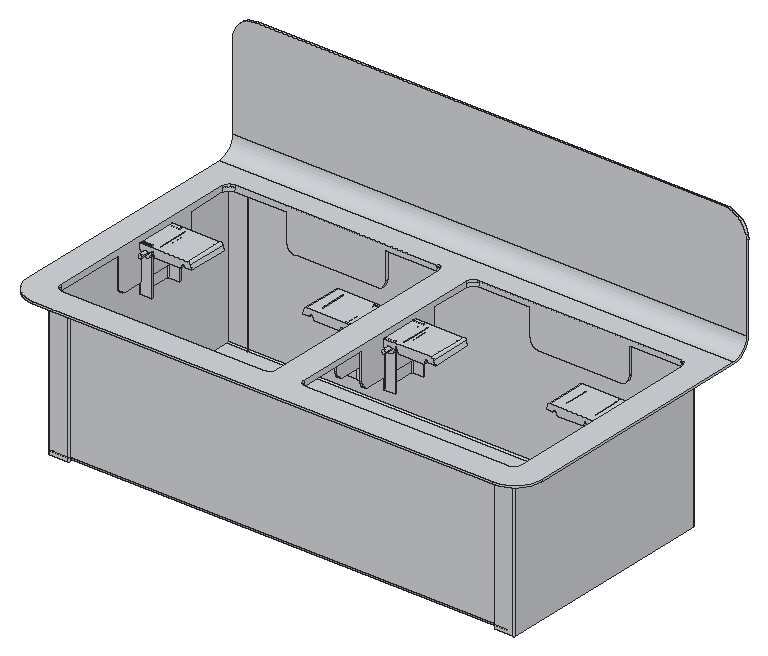
Revit family "Accessory-Tissue_Holder-KOHLER-JULY-K-72903T", category Specialty Equipment, host Face, Revit 2017
Family settings
  Host = Face
  Round Connector Dimension = Use Diameter
  Part Type = Normal
  OmniClass Number = 23.31.25.21
  OmniClass Title = Toilet Paper Dispensers
  Cut with Voids When Loaded = No
  Shared = No
  Room Calculation Point = No
Parameters (values of type "S- Stainless Steel")
  Width = 11.22047"  # constant formula
  WaterSense Certified = 1 = 0  # no
  URL = "http://www.kohler.com.cn/"
  Type = 1
  Product Page URL = "https://www.kohler.com.cn/product/K-72903T-S/K-72903T-S/"
  Product Name = "JULY"  # constant formula
  Product Documentation Link = "https://files.kohler.com.cn/pdfs/72900T%2072903T%2072905T%209316T.pdf"
  Model = "K-72903T-S"  # constant formula
  Material = "Premium Metal Construction"  # constant formula
  Master Format 2014 Name = "Toilet, Bath, and Laundry Accessories"  # constant formula
  Master Format 2014 = "10 28 00"  # constant formula
  Manufacturer Address = "Kohler Beijing Office (100016) 36-2-03-B, No. 88, Liuxiang Road, Beijing"  # constant formula
  Manufacturer = "KOHLER Co."  # constant formula
  Length = 5.94488"  # constant formula
  Height = 6.22047"  # constant formula
  Finish = Kohler-Metal-S-Polished_Stainless
  Environmental Product Declaration = ""
  Description = "Qiyue double-layer toilet paper dispenser (with cover)"  # constant formula
  Default Elevation = 42"
  Declare Label = ""
  Date Modified = "07/21/2020"  # constant formula
  Date Created = "07/21/2020"  # constant formula
  Copyright = "Copyright KOHLER Co."  # constant formula
  Contact Us = "http://www.kohler.com.cn/contact/contact-us/"
  Assembly Code = "C1030200"
  ADA Compliant = 1 = 0  # no
Reference planes (in)
  plane 1 "Center (Front/Back)": y = 0
  plane 2: z = 0
  plane 3 "Center (Left/Right)": x = 0
  plane 4: y = 3.23611
  plane 5: y = -2.98437
  plane 6: x = 5.61024
  plane 7: x = -5.61024
  plane 8: z = 5.94488
  plane 9: z = 3.54331
  plane 10: z = 3.18898
  plane 11: x = -2.57874
  plane 12: x = 2.65748
  plane 13: z = 3.14961
  plane 14: y = -2.445
  plane 15: y = 2.39752
  plane 16: x = -5.07087
  plane 17: x = 5.07087
Dimensions and locks (in)
  "Width": plane 7 to plane 6
  "Height": plane 5 to plane 4
  level to plane 10 = 3.18898"
  plane 10 to plane 8 = 2.75591"
  "Length": level to plane 8
  aligned and locked: plane 2 to host face
  aligned and locked: level to host face
Automatic sketch dimensions
  host sketch curve to host sketch curve = 96"  (x2)
Nested families (in)
  nested 1: "K-72903T" at (0, 0, 0), type "K-72903T"
Definition of nested family "K-72903T"
  Parameters (values of type "K-72903T")
    Material = none
  Reference planes (in)
    plane 1 "Center (Front/Back)": y = 0
    plane 2: z = 0
    plane 3 "Center (Left/Right)": x = 0
    plane 4: x = 2.65748
    plane 5: x = -2.65748
    plane 6: x = -5.61024
    plane 7: x = 5.61024
    plane 8: x = -2.57874
    plane 9: x = 2.57874
    plane 10: x = 5.07874
    plane 11: x = -5.07874
    plane 12: z = 5.94488
    plane 13: z = 3.18898
    plane 14: y = 3.23611
    plane 15: y = -2.98437
    plane 16: y = 2.46063
    plane 17: y = -2.46063
    plane 18: z = 3.14961
  Forms (in)
    Extrusion 1, solid, material <- "Material", detail levels medium+fine
      sketch origin (0, 0, 0) x (0, 1, 0) y (0, 0, 1)
        loop
          line (3.19674, 5.90551) -> (3.19674, 3.54344)
          arc (3.19674, 3.54344) -> (3.09291, 3.2928) -> (2.84227, 3.18898) r 0.35447
          line (2.84227, 3.18898) -> (-2.98437, 3.18898) -> (-2.98437, 3.14961) -> (2.84241, 3.14961)
          arc (2.84241, 3.14961) -> (3.12079, 3.26492) -> (3.23611, 3.54331) r 0.3937
          line (3.23611, 3.54331) -> (3.23611, 5.90551) -> (3.19674, 5.90551)
      from -5.61024 to 5.61024
    Extrusion 2, void
      sketch origin (0, 0, 0) x (1, 0, 0) y (0, 0, 1)
        loop
          line (-5.09843, 5.90551) -> (-5.09843, 6.1811) -> (-5.80491, 6.1811) -> (-5.80491, 5.3937) -> (-5.61024, 5.3937)
          arc (-5.61024, 5.3937) -> (-5.46033, 5.75561) -> (-5.09843, 5.90551) r 0.51181
        loop
          arc (5.09843, 5.90551) -> (5.46033, 5.75561) -> (5.61024, 5.3937) r 0.51181
          line (5.61024, 5.3937) -> (5.80491, 5.3937) -> (5.80491, 6.1811) -> (5.09843, 6.1811) -> (5.09843, 5.90551)
      from -4.15864 to -2.43296
    Extrusion 3, void
      sketch origin (0, 0, 0) x (1, 0, 0) y (0, 1, 0)
        loop
          line (5.01969, -2.98437) -> (5.01969, -3.37807) -> (6.00394, -3.37807) -> (6.00394, -2.39382) -> (5.61024, -2.39382)
          arc (5.61024, -2.39382) -> (5.43727, -2.8114) -> (5.01969, -2.98437) r 0.59055
        loop
          arc (-5.01969, -2.98437) -> (-5.43727, -2.8114) -> (-5.61024, -2.39382) r 0.59055
          line (-5.61024, -2.39382) -> (-6.00394, -2.39382) -> (-6.00394, -3.37807) -> (-5.01969, -3.37807) -> (-5.01969, -2.98437)
      from 1.95537 to 3.93299
    Extrusion 4, void
      sketch origin (0, 0, 0) x (1, 0, 0) y (0, 1, 0)
        loop
          arc (-4.8622, 2.33059) -> (-4.97356, 2.28447) -> (-5.01969, 2.17311) r 0.15748
          line (-5.01969, 2.17311) -> (-5.01969, -2.23633)
          arc (-5.01969, -2.23633) -> (-4.97356, -2.34769) -> (-4.8622, -2.39382) r 0.15748
          line (-4.8622, -2.39382) -> (-0.45276, -2.39382)
          arc (-0.45276, -2.39382) -> (-0.3414, -2.34769) -> (-0.29528, -2.23633) r 0.15748
          line (-0.29528, -2.23633) -> (-0.29528, 2.17345)
          arc (-0.29528, 2.17345) -> (-0.3413, 2.28457) -> (-0.45242, 2.33059) r 0.15715
          line (-0.45242, 2.33059) -> (-4.8622, 2.33059)
        loop
          line (4.8622, 2.33059) -> (0.45242, 2.33059)
          arc (0.45242, 2.33059) -> (0.3413, 2.28457) -> (0.29528, 2.17345) r 0.15715
          line (0.29528, 2.17345) -> (0.29528, -2.23633)
          arc (0.29528, -2.23633) -> (0.3414, -2.34769) -> (0.45276, -2.39382) r 0.15748
          line (0.45276, -2.39382) -> (4.8622, -2.39382)
          arc (4.8622, -2.39382) -> (4.97356, -2.34769) -> (5.01969, -2.23633) r 0.15748
          line (5.01969, -2.23633) -> (5.01969, 2.17311)
          arc (5.01969, 2.17311) -> (4.97356, 2.28447) -> (4.8622, 2.33059) r 0.15748
      from 2.28346 to 3.98435
    Sweep 5, solid, material <- "Material", detail levels medium+fine
      path in 3D
        loop
          arc (-0.24409, 2.17345, 3.18898) -> (-0.30511, 2.32076, 3.18898) -> (-0.45242, 2.38178, 3.18898) r 0.20833
          line (-0.45242, 2.38178, 3.18898) -> (-4.8622, 2.38178, 3.18898)
          arc (-4.8622, 2.38178, 3.18898) -> (-5.00975, 2.32066, 3.18898) -> (-5.07087, 2.17311, 3.18898) r 0.20866
          line (-5.07087, 2.17311, 3.18898) -> (-5.07087, -2.23633, 3.18898)
          arc (-5.07087, -2.23633, 3.18898) -> (-5.00975, -2.38388, 3.18898) -> (-4.8622, -2.445, 3.18898) r 0.20866
          line (-4.8622, -2.445, 3.18898) -> (-0.45276, -2.445, 3.18898)
          arc (-0.45276, -2.445, 3.18898) -> (-0.30521, -2.38388, 3.18898) -> (-0.24409, -2.23633, 3.18898) r 0.20866
          line (-0.24409, -2.23633, 3.18898) -> (-0.24409, 2.17345, 3.18898)
      profile origin (-0.24409, -0.03144, 3.18898) x (-1, 0, 0) y (0, 0, 1)
        loop
          line (0.05118, -0.11811) -> (0.05118, 0) -> (0.01181, 0) -> (0.01181, -0.11811) -> (0.05118, -0.11811)
    Sweep 6, solid, material <- "Material", detail levels medium+fine
      path in 3D
        loop
          arc (0.24409, 2.17345, 3.18898) -> (0.30511, 2.32076, 3.18898) -> (0.45242, 2.38178, 3.18898) r 0.20833
          line (0.45242, 2.38178, 3.18898) -> (4.8622, 2.38178, 3.18898)
          arc (4.8622, 2.38178, 3.18898) -> (5.00975, 2.32066, 3.18898) -> (5.07087, 2.17311, 3.18898) r 0.20866
          line (5.07087, 2.17311, 3.18898) -> (5.07087, -2.23633, 3.18898)
          arc (5.07087, -2.23633, 3.18898) -> (5.00975, -2.38388, 3.18898) -> (4.8622, -2.445, 3.18898) r 0.20866
          line (4.8622, -2.445, 3.18898) -> (0.45276, -2.445, 3.18898)
          arc (0.45276, -2.445, 3.18898) -> (0.30521, -2.38388, 3.18898) -> (0.24409, -2.23633, 3.18898) r 0.20866
          line (0.24409, -2.23633, 3.18898) -> (0.24409, 2.17345, 3.18898)
      profile origin (0.24409, -0.03144, 3.18898) x (-1, 0, 0) y (0, 0, 1)
        loop
          line (-0.05118, -0.11811) -> (-0.01181, -0.11811) -> (-0.01181, 0) -> (-0.05118, 0) -> (-0.05118, -0.11811)
    Extrusion 7, solid, material <- "Material", detail levels medium+fine
      sketch origin (0, 0, 0) x (0, 1, 0) y (0, 0, 1)
        loop
          line (1.30697, 3.09752) -> (-0.66153, 3.09752) -> (-0.66153, 2.48031)
          arc (-0.66153, 2.48031) -> (-0.60388, 2.34112) -> (-0.46468, 2.28346) r 0.19685
          line (-0.46468, 2.28346) -> (1.11012, 2.28346)
          arc (1.11012, 2.28346) -> (1.24932, 2.34112) -> (1.30697, 2.48031) r 0.19685
          line (1.30697, 2.48031) -> (1.30697, 3.09752)
      from 0.25591 to 0.29528
    Extrusion 8, solid, material <- "Material", detail levels medium+fine
      sketch origin (5.31496, 0, 0) x (0, 1, 0) y (0, 0, -1)
        loop
          line (1.30697, -3.09752) -> (1.30697, -2.48031)
          arc (1.30697, -2.48031) -> (1.24932, -2.34112) -> (1.11012, -2.28346) r 0.19685
          line (1.11012, -2.28346) -> (-0.46468, -2.28346)
          arc (-0.46468, -2.28346) -> (-0.60388, -2.34112) -> (-0.66153, -2.48031) r 0.19685
          line (-0.66153, -2.48031) -> (-0.66153, -3.09752) -> (1.30697, -3.09752)
      from 0.25591 to 0.29528
    Extrusion 9, solid, material <- "Material", detail levels medium+fine
      sketch origin (0, 0, 0) x (0, 1, 0) y (0, 0, -1)
        loop
          line (1.30697, -3.09752) -> (1.30697, -2.48031)
          arc (1.30697, -2.48031) -> (1.24932, -2.34112) -> (1.11012, -2.28346) r 0.19685
          line (1.11012, -2.28346) -> (-0.46468, -2.28346)
          arc (-0.46468, -2.28346) -> (-0.60388, -2.34112) -> (-0.66153, -2.48031) r 0.19685
          line (-0.66153, -2.48031) -> (-0.66153, -3.09752) -> (1.30697, -3.09752)
      from 0.25591 to 0.29528
    Extrusion 10, solid, material <- "Material", detail levels medium+fine
      sketch origin (-5.31496, 0, 0) x (0, 1, 0) y (0, 0, 1)
        loop
          line (1.30697, 3.09752) -> (-0.66153, 3.09752) -> (-0.66153, 2.48031)
          arc (-0.66153, 2.48031) -> (-0.60388, 2.34112) -> (-0.46468, 2.28346) r 0.19685
          line (-0.46468, 2.28346) -> (1.11012, 2.28346)
          arc (1.11012, 2.28346) -> (1.24932, 2.34112) -> (1.30697, 2.48031) r 0.19685
          line (1.30697, 2.48031) -> (1.30697, 3.09752)
      from 0.25591 to 0.29528
    Extrusion 11, solid, material <- "Material", detail levels medium+fine
      sketch origin (0, 0, 0) x (1, 0, 0) y (0, 0, 1)
        loop
          arc (3.54331, 2.28346) -> (3.6825, 2.34112) -> (3.74016, 2.48031) r 0.19685
          line (3.74016, 2.48031) -> (3.74016, 3.09778) -> (1.5748, 3.09778) -> (1.5748, 2.48031)
          arc (1.5748, 2.48031) -> (1.63246, 2.34112) -> (1.77165, 2.28346) r 0.19685
          line (1.77165, 2.28346) -> (3.54331, 2.28346)
        loop
          line (-3.54331, 2.28346) -> (-1.77165, 2.28346)
          arc (-1.77165, 2.28346) -> (-1.63246, 2.34112) -> (-1.5748, 2.48031) r 0.19685
          line (-1.5748, 2.48031) -> (-1.5748, 3.09778) -> (-3.74016, 3.09778) -> (-3.74016, 2.48031)
          arc (-3.74016, 2.48031) -> (-3.6825, 2.34112) -> (-3.54331, 2.28346) r 0.19685
      from 2.39382 to 2.43307
    Extrusion 12, solid, material <- "Material", detail levels medium+fine
      sketch origin (0, 0, 0) x (1, 0, 0) y (0, 0, -1)
        loop
          line (3.54331, -2.28346) -> (1.77165, -2.28346)
          arc (1.77165, -2.28346) -> (1.63246, -2.34112) -> (1.5748, -2.48031) r 0.19685
          line (1.5748, -2.48031) -> (1.5748, -3.09778) -> (3.74016, -3.09778) -> (3.74016, -2.48031)
          arc (3.74016, -2.48031) -> (3.6825, -2.34112) -> (3.54331, -2.28346) r 0.19685
        loop
          arc (-3.54331, -2.28346) -> (-3.6825, -2.34112) -> (-3.74016, -2.48031) r 0.19685
          line (-3.74016, -2.48031) -> (-3.74016, -3.09778) -> (-1.5748, -3.09778) -> (-1.5748, -2.48031)
          arc (-1.5748, -2.48031) -> (-1.63246, -2.34112) -> (-1.77165, -2.28346) r 0.19685
          line (-1.77165, -2.28346) -> (-3.54331, -2.28346)
      from 2.33059 to 2.37008
    Extrusion 13, solid, material <- "Material", detail levels medium+fine
      sketch origin (0, 0, 0) x (1, 0, 0) y (0, 1, 0)
        loop
          line (5.05926, 2.43296) -> (4.65354, 2.43296) -> (4.63698, 2.4054) -> (5.05906, 2.4054) -> (5.05906, -2.46074) -> (4.63763, -2.46074) -> (4.65354, -2.4883) -> (5.0578, -2.4883)
          arc (5.0578, -2.4883) -> (5.07817, -2.47986) -> (5.08661, -2.45949) r 0.02882
          line (5.08661, -2.45949) -> (5.08661, 2.40561)
          arc (5.08661, 2.40561) -> (5.0786, 2.42495) -> (5.05926, 2.43296) r 0.02735
        loop
          arc (-5.05926, 2.43296) -> (-5.0786, 2.42495) -> (-5.08661, 2.40561) r 0.02735
          line (-5.08661, 2.40561) -> (-5.08661, -2.45949)
          arc (-5.08661, -2.45949) -> (-5.07817, -2.47986) -> (-5.0578, -2.4883) r 0.02882
          line (-5.0578, -2.4883) -> (-4.65354, -2.4883) -> (-4.63763, -2.46074) -> (-5.05906, -2.46074) -> (-5.05906, 2.4054) -> (-4.63698, 2.4054) -> (-4.65354, 2.43296) -> (-5.05926, 2.43296)
      from -0.02756 to 3.18898
    Extrusion 14, solid, material <- "Material", detail levels medium+fine
      sketch origin (0, 0, 0) x (1, 0, 0) y (0, 1, 0)
        loop
          line (5.05926, 2.43296) -> (4.65354, 2.43296) -> (4.63763, 2.40648) -> (4.63763, -2.46074) -> (4.65354, -2.4883) -> (5.0578, -2.4883)
          arc (5.0578, -2.4883) -> (5.07817, -2.47986) -> (5.08661, -2.45949) r 0.02882
          line (5.08661, -2.45949) -> (5.08661, 2.40561)
          arc (5.08661, 2.40561) -> (5.0786, 2.42495) -> (5.05926, 2.43296) r 0.02735
      from -0.02756 to 0.00394
    Extrusion 15, solid, material <- "Material", detail levels medium+fine
      sketch origin (0, 0, 0) x (0, 1, 0) y (0, 0, 1)
        loop
          arc (2.36996, 0.0589) -> (2.36078, 0.03674) -> (2.33862, 0.02756) r 0.03134
          line (2.33862, 0.02756) -> (-2.40169, 0.02756)
          arc (-2.40169, 0.02756) -> (-2.42396, 0.03678) -> (-2.43319, 0.05906) r 0.0315
          line (-2.43319, 0.05906) -> (-2.43319, 3.16386) -> (-2.46074, 3.18898) -> (-2.46074, 0.0577)
          arc (-2.46074, 0.0577) -> (-2.44384, 0.0169) -> (-2.40304, 0) r 0.0577
          line (-2.40304, 0) -> (2.33901, 0)
          arc (2.33901, 0) -> (2.38039, 0.01714) -> (2.39752, 0.05851) r 0.05851
          line (2.39752, 0.05851) -> (2.39752, 3.18898) -> (2.36996, 3.15792) -> (2.36996, 0.0589)
      from -5.05906 to 5.01969
    Extrusion 16, solid, material <- "Material", detail levels medium+fine
      sketch origin (0, 0, 0) x (1, 0, 0) y (0, 1, 0)
        loop
          arc (-5.0315, 0.68886) -> (-5.02573, 0.70278) -> (-5.01181, 0.70855) r 0.01969
          line (-5.01181, 0.70855) -> (-4.76755, 0.70855) -> (-4.78346, 0.73611) -> (-5.01927, 0.73611)
          arc (-5.01927, 0.73611) -> (-5.0474, 0.72445) -> (-5.05906, 0.69632) r 0.03979
          line (-5.05906, 0.69632) -> (-5.05906, -0.01162)
          arc (-5.05906, -0.01162) -> (-5.04743, -0.03967) -> (-5.01938, -0.0513) r 0.03968
          line (-5.01938, -0.0513) -> (-4.76755, -0.0513) -> (-4.78346, -0.02374) -> (-5.01181, -0.02374)
          arc (-5.01181, -0.02374) -> (-5.02573, -0.01797) -> (-5.0315, -0.00405) r 0.01969
          line (-5.0315, -0.00405) -> (-5.0315, 0.68886)
      from 2.04901 to 3.07874
    Extrusion 17, solid, material <- "Material", detail levels medium+fine
      sketch origin (0, 0, 0) x (1, 0, 0) y (0, 0, 1)
        loop
          circle (-4.8718, 2.9292) r 0.03914
      from -0.93296 to 0.24815
    Extrusion 18, solid, material <- "Material", detail levels medium+fine
      sketch origin (0, 0, 0) x (1, 0, 0) y (0, 0, 1)
        loop
          arc (-4.13593, 2.88976) -> (-4.11641, 2.89555) -> (-4.10319, 2.91103) r 0.03584
          line (-4.10319, 2.91103) -> (-4.07366, 2.97733)
          arc (-4.07366, 2.97733) -> (-4.05981, 2.98721) -> (-4.04446, 2.97986) r 0.01675
          arc (-4.04446, 2.97986) -> (-4.02624, 2.95881) -> (-4.00349, 2.94276) r 0.11473
          line (-4.00349, 2.94276) -> (-3.87185, 2.94276) -> (-3.896, 3.03291)
          arc (-3.896, 3.03291) -> (-3.91809, 3.06596) -> (-3.95573, 3.07874) r 0.06183
          line (-3.95573, 3.07874) -> (-4.9976, 3.07874) -> (-4.9976, 2.97013)
          arc (-4.9976, 2.97013) -> (-4.88763, 2.84388) -> (-4.74749, 2.9355) r 0.12745
          line (-4.74749, 2.9355) -> (-4.73157, 2.9919)
          arc (-4.73157, 2.9919) -> (-4.71847, 3.00183) -> (-4.70532, 2.99195) r 0.01364
          line (-4.70532, 2.99195) -> (-4.67602, 2.88976) -> (-4.13593, 2.88976)
        loop
          circle (-4.87185, 2.9297) r 0.04928
      from -0.77941 to 0.09067
    Extrusion 19, solid, material <- "Material", detail levels medium+fine
      sketch origin (-5.31496, 0, 0) x (-1, 0, 0) y (0, -1, 0)
        loop
          line (-5.0315, -0.68886) -> (-5.0315, 0.00405)
          arc (-5.0315, 0.00405) -> (-5.02573, 0.01797) -> (-5.01181, 0.02374) r 0.01969
          line (-5.01181, 0.02374) -> (-4.78346, 0.02374) -> (-4.76755, 0.0513) -> (-5.01938, 0.0513)
          arc (-5.01938, 0.0513) -> (-5.04743, 0.03967) -> (-5.05906, 0.01162) r 0.03968
          line (-5.05906, 0.01162) -> (-5.05906, -0.69632)
          arc (-5.05906, -0.69632) -> (-5.0474, -0.72445) -> (-5.01927, -0.73611) r 0.03979
          line (-5.01927, -0.73611) -> (-4.78346, -0.73611) -> (-4.76755, -0.70855) -> (-5.01181, -0.70855)
          arc (-5.01181, -0.70855) -> (-5.02573, -0.70278) -> (-5.0315, -0.68886) r 0.01969
      from 2.04901 to 3.07874
    Extrusion 20, solid, material <- "Material", detail levels medium+fine
      sketch origin (-5.31496, 0, 0) x (-1, 0, 0) y (0, 0, -1)
        loop
          circle (-4.8718, -2.9292) r 0.03914
      from -0.93296 to 0.24815
    Extrusion 21, solid, material <- "Material", detail levels medium+fine
      sketch origin (-5.31496, 0, 0) x (-1, 0, 0) y (0, 0, -1)
        loop
          line (-4.13593, -2.88976) -> (-4.67602, -2.88976) -> (-4.70532, -2.99195)
          arc (-4.70532, -2.99195) -> (-4.71847, -3.00183) -> (-4.73157, -2.9919) r 0.01364
          line (-4.73157, -2.9919) -> (-4.74749, -2.9355)
          arc (-4.74749, -2.9355) -> (-4.88763, -2.84388) -> (-4.9976, -2.97013) r 0.12745
          line (-4.9976, -2.97013) -> (-4.9976, -3.07874) -> (-3.95573, -3.07874)
          arc (-3.95573, -3.07874) -> (-3.91809, -3.06596) -> (-3.896, -3.03291) r 0.06183
          line (-3.896, -3.03291) -> (-3.87185, -2.94276) -> (-4.00349, -2.94276)
          arc (-4.00349, -2.94276) -> (-4.02624, -2.95881) -> (-4.04446, -2.97986) r 0.11473
          arc (-4.04446, -2.97986) -> (-4.05981, -2.98721) -> (-4.07366, -2.97733) r 0.01675
          line (-4.07366, -2.97733) -> (-4.10319, -2.91103)
          arc (-4.10319, -2.91103) -> (-4.11641, -2.89555) -> (-4.13593, -2.88976) r 0.03584
        loop
          circle (-4.87185, -2.9297) r 0.04928
      from -0.77941 to 0.09067
    Extrusion 22, solid, material <- "Material", detail levels medium+fine
      sketch origin (0, 0, 0) x (-1, 0, 0) y (0, -1, 0)
        loop
          line (-5.0315, -0.68886) -> (-5.0315, 0.00405)
          arc (-5.0315, 0.00405) -> (-5.02573, 0.01797) -> (-5.01181, 0.02374) r 0.01969
          line (-5.01181, 0.02374) -> (-4.78346, 0.02374) -> (-4.76755, 0.0513) -> (-5.01938, 0.0513)
          arc (-5.01938, 0.0513) -> (-5.04743, 0.03967) -> (-5.05906, 0.01162) r 0.03968
          line (-5.05906, 0.01162) -> (-5.05906, -0.69632)
          arc (-5.05906, -0.69632) -> (-5.0474, -0.72445) -> (-5.01927, -0.73611) r 0.03979
          line (-5.01927, -0.73611) -> (-4.78346, -0.73611) -> (-4.76755, -0.70855) -> (-5.01181, -0.70855)
          arc (-5.01181, -0.70855) -> (-5.02573, -0.70278) -> (-5.0315, -0.68886) r 0.01969
      from 2.04901 to 3.07874
    Extrusion 23, solid, material <- "Material", detail levels medium+fine
      sketch origin (0, 0, 0) x (-1, 0, 0) y (0, 0, -1)
        loop
          line (-4.13593, -2.88976) -> (-4.67602, -2.88976) -> (-4.70532, -2.99195)
          arc (-4.70532, -2.99195) -> (-4.71847, -3.00183) -> (-4.73157, -2.9919) r 0.01364
          line (-4.73157, -2.9919) -> (-4.74749, -2.9355)
          arc (-4.74749, -2.9355) -> (-4.88763, -2.84388) -> (-4.9976, -2.97013) r 0.12745
          line (-4.9976, -2.97013) -> (-4.9976, -3.07874) -> (-3.95573, -3.07874)
          arc (-3.95573, -3.07874) -> (-3.91809, -3.06596) -> (-3.896, -3.03291) r 0.06183
          line (-3.896, -3.03291) -> (-3.87185, -2.94276) -> (-4.00349, -2.94276)
          arc (-4.00349, -2.94276) -> (-4.02624, -2.95881) -> (-4.04446, -2.97986) r 0.11473
          arc (-4.04446, -2.97986) -> (-4.05981, -2.98721) -> (-4.07366, -2.97733) r 0.01675
          line (-4.07366, -2.97733) -> (-4.10319, -2.91103)
          arc (-4.10319, -2.91103) -> (-4.11641, -2.89555) -> (-4.13593, -2.88976) r 0.03584
        loop
          circle (-4.87185, -2.9297) r 0.04928
      from -0.77941 to 0.09067
    Extrusion 24, solid, material <- "Material", detail levels medium+fine
      sketch origin (5.31496, 0, 0) x (1, 0, 0) y (0, 1, 0)
        loop
          arc (-5.0315, 0.68886) -> (-5.02573, 0.70278) -> (-5.01181, 0.70855) r 0.01969
          line (-5.01181, 0.70855) -> (-4.76755, 0.70855) -> (-4.78346, 0.73611) -> (-5.01927, 0.73611)
          arc (-5.01927, 0.73611) -> (-5.0474, 0.72445) -> (-5.05906, 0.69632) r 0.03979
          line (-5.05906, 0.69632) -> (-5.05906, -0.01162)
          arc (-5.05906, -0.01162) -> (-5.04743, -0.03967) -> (-5.01938, -0.0513) r 0.03968
          line (-5.01938, -0.0513) -> (-4.76755, -0.0513) -> (-4.78346, -0.02374) -> (-5.01181, -0.02374)
          arc (-5.01181, -0.02374) -> (-5.02573, -0.01797) -> (-5.0315, -0.00405) r 0.01969
          line (-5.0315, -0.00405) -> (-5.0315, 0.68886)
      from 2.04901 to 3.07874
    Extrusion 25, solid, material <- "Material", detail levels medium+fine
      sketch origin (5.31496, 0, 0) x (1, 0, 0) y (0, 0, 1)
        loop
          arc (-4.13593, 2.88976) -> (-4.11641, 2.89555) -> (-4.10319, 2.91103) r 0.03584
          line (-4.10319, 2.91103) -> (-4.07366, 2.97733)
          arc (-4.07366, 2.97733) -> (-4.05981, 2.98721) -> (-4.04446, 2.97986) r 0.01675
          arc (-4.04446, 2.97986) -> (-4.02624, 2.95881) -> (-4.00349, 2.94276) r 0.11473
          line (-4.00349, 2.94276) -> (-3.87185, 2.94276) -> (-3.896, 3.03291)
          arc (-3.896, 3.03291) -> (-3.91809, 3.06596) -> (-3.95573, 3.07874) r 0.06183
          line (-3.95573, 3.07874) -> (-4.9976, 3.07874) -> (-4.9976, 2.97013)
          arc (-4.9976, 2.97013) -> (-4.88763, 2.84388) -> (-4.74749, 2.9355) r 0.12745
          line (-4.74749, 2.9355) -> (-4.73157, 2.9919)
          arc (-4.73157, 2.9919) -> (-4.71847, 3.00183) -> (-4.70532, 2.99195) r 0.01364
          line (-4.70532, 2.99195) -> (-4.67602, 2.88976) -> (-4.13593, 2.88976)
        loop
          circle (-4.87185, 2.9297) r 0.04928
      from -0.77941 to 0.09067
    Extrusion 26, solid, material <- "Material", detail levels medium+fine
      sketch origin (0, 0, 0) x (-1, 0, 0) y (0, 0, -1)
        loop
          circle (-4.8718, -2.9292) r 0.03914
      from -0.93296 to 0.24815
    Extrusion 27, solid, material <- "Material", detail levels medium+fine
      sketch origin (5.31496, 0, 0) x (1, 0, 0) y (0, 0, 1)
        loop
          circle (-4.8718, 2.9292) r 0.03914
      from -0.93296 to 0.24815
    Extrusion 28, void
      sketch origin (0, 0, 0) x (1, 0, 0) y (0, 1, 0)
        loop
          circle (-2.57874, 0) r 0.09953
        loop
          circle (2.57874, 0) r 0.09953
      from -1.71546 to 3.14961
    Extrusion 29, solid, material <- "Material", detail levels coarse
      sketch origin (0, 0, 0) x (1, 0, 0) y (0, 1, 0)
        loop
          line (-5.07874, 2.46063) -> (-5.07874, -2.46063) -> (-0.29528, -2.46063) -> (-0.29528, 2.46063) -> (-5.07874, 2.46063)
        loop
          line (-5.11811, 2.50064) -> (-5.11811, -2.5) -> (-0.25591, -2.5) -> (-0.25591, 2.50064) -> (-5.11811, 2.50064)
        loop
          line (5.07874, 2.46063) -> (0.29528, 2.46063) -> (0.29528, -2.46063) -> (5.07874, -2.46063) -> (5.07874, 2.46063)
        loop
          line (5.11811, 2.50064) -> (0.25591, 2.50064) -> (0.25591, -2.5) -> (5.11811, -2.5) -> (5.11811, 2.50064)
      from 0 to 3.18898
    Extrusion 30, solid, material <- "Material", detail levels coarse
      sketch origin (0, 0, 0) x (0, 1, 0) y (0, 0, 1)
        loop
          line (3.23611, 3.54331) -> (3.23611, 5.94488) -> (3.19674, 5.94488) -> (3.19674, 3.54344)
          arc (3.19674, 3.54344) -> (3.09291, 3.2928) -> (2.84227, 3.18898) r 0.35447
          line (2.84227, 3.18898) -> (-2.98437, 3.18898) -> (-2.98437, 3.14961) -> (2.84241, 3.14961)
          arc (2.84241, 3.14961) -> (3.12079, 3.26492) -> (3.23611, 3.54331) r 0.3937
      from -5.61024 to 5.61024
    Extrusion 31, void
      sketch origin (0, 0, 0) x (1, 0, 0) y (0, 1, 0)
        loop
          line (-5.07874, 2.46063) -> (-5.07874, -2.46063) -> (-0.25591, -2.46063) -> (-0.25591, 2.46063) -> (-5.07874, 2.46063)
        loop
          line (5.07874, 2.46063) -> (0.25591, 2.46063) -> (0.25591, -2.46063) -> (5.07874, -2.46063) -> (5.07874, 2.46063)
      from 1.3802 to 4.65626
    Extrusion 32, solid, material <- "Material", detail levels coarse
      sketch origin (0, 0, 0) x (1, 0, 0) y (0, 1, 0)
        loop
          line (-5.07874, 2.46063) -> (-5.07874, -2.46063) -> (5.07874, -2.46063) -> (5.07874, 2.46063) -> (-5.07874, 2.46063)
      from 0 to 0.03937
  Cuts and joins
    Extrusion 2, Extrusion 3, Extrusion 4 cuts Extrusion 1
    Extrusion 28 cuts Extrusion 15
    joined: Extrusion 1, Sweep 5, Sweep 6, Extrusion 7, Extrusion 8, Extrusion 9, Extrusion 10, Extrusion 11, Extrusion 12, Extrusion 13, Extrusion 14, Extrusion 15
    Extrusion 31 cuts Extrusion 30
    joined: Extrusion 29, Extrusion 30, Extrusion 32
  Lines and regions (in)
    Masking region 1
      outline origin (0, 0, 0) x (1, 0, 0) y (0, 1, 0)
        loop
          line (-5.61024, 3.23611) -> (-5.61024, -2.39382)
          arc (-5.61024, -2.39382) -> (-5.43727, -2.8114) -> (-5.01969, -2.98437) r 0.59055
          line (-5.01969, -2.98437) -> (5.01969, -2.98437)
          arc (5.01969, -2.98437) -> (5.43727, -2.8114) -> (5.61024, -2.39382) r 0.59055
          line (5.61024, -2.39382) -> (5.61024, 3.23611) -> (-5.61024, 3.23611)
    Masking region 2
      outline origin (0, 0, -0.03937) x (1, 0, 0) y (0, 0, 1)
        loop
          line (5.10015, 5.98425) -> (-5.10015, 5.98425)
          arc (-5.10015, 5.98425) -> (-5.46083, 5.83485) -> (-5.61024, 5.47416) r 0.51009
          line (-5.61024, 5.47416) -> (-5.61024, 3.18898) -> (-5.07874, 3.18898) -> (-5.07874, 0.03937) -> (5.07874, 0.03937) -> (5.07874, 3.18898) -> (5.61024, 3.18898) -> (5.61024, 5.47416)
          arc (5.61024, 5.47416) -> (5.46083, 5.83485) -> (5.10015, 5.98425) r 0.51009
    Masking region 3
      outline origin (0, 0, 0) x (0, 1, 0) y (0, 0, 1)
        loop
          line (2.46063, 3.14961) -> (2.84241, 3.14961)
          arc (2.84241, 3.14961) -> (3.12079, 3.26492) -> (3.23611, 3.54331) r 0.3937
          line (3.23611, 3.54331) -> (3.23611, 5.94488) -> (3.19674, 5.94488) -> (3.19674, 3.54477)
          arc (3.19674, 3.54477) -> (3.09253, 3.29319) -> (2.84094, 3.18898) r 0.3558
          line (2.84094, 3.18898) -> (-2.98437, 3.18898) -> (-2.98437, 3.14961) -> (-2.46063, 3.14961) -> (-2.46063, 0) -> (2.46063, 0) -> (2.46063, 3.14961)
    sketch lines
      curve 1: line (-0.24409, -2.23633, 3.18898) -> (-0.24409, 2.17345, 3.18898)
      curve 2: arc (-0.45242, 2.38178, 3.18898) -> (-0.30511, 2.32076, 3.18898) -> (-0.24409, 2.17345, 3.18898) r 0.20833
      curve 3: line (-0.45242, 2.38178, 3.18898) -> (-4.8622, 2.38178, 3.18898)
      curve 4: arc (-5.07087, 2.17311, 3.18898) -> (-5.00975, 2.32066, 3.18898) -> (-4.8622, 2.38178, 3.18898) r 0.20866
      curve 5: line (-5.07087, 2.17311, 3.18898) -> (-5.07087, -2.23633, 3.18898)
      curve 6: arc (-4.8622, -2.445, 3.18898) -> (-5.00975, -2.38388, 3.18898) -> (-5.07087, -2.23633, 3.18898) r 0.20866
      curve 7: line (-4.8622, -2.445, 3.18898) -> (-0.45276, -2.445, 3.18898)
      curve 8: arc (-0.24409, -2.23633, 3.18898) -> (-0.30521, -2.38388, 3.18898) -> (-0.45276, -2.445, 3.18898) r 0.20866
      curve 9: line (0.24409, -2.23633, 3.18898) -> (0.24409, 2.17345, 3.18898)
      curve 10: arc (0.45242, 2.38178, 3.18898) -> (0.30511, 2.32076, 3.18898) -> (0.24409, 2.17345, 3.18898) r 0.20833
      curve 11: line (0.45242, 2.38178, 3.18898) -> (4.8622, 2.38178, 3.18898)
      curve 12: arc (5.07087, 2.17311, 3.18898) -> (5.00975, 2.32066, 3.18898) -> (4.8622, 2.38178, 3.18898) r 0.20866
      curve 13: line (5.07087, 2.17311, 3.18898) -> (5.07087, -2.23633, 3.18898)
      curve 14: arc (4.8622, -2.445, 3.18898) -> (5.00975, -2.38388, 3.18898) -> (5.07087, -2.23633, 3.18898) r 0.20866
      curve 15: line (4.8622, -2.445, 3.18898) -> (0.45276, -2.445, 3.18898)
      curve 16: arc (0.24409, -2.23633, 3.18898) -> (0.30521, -2.38388, 3.18898) -> (0.45276, -2.445, 3.18898) r 0.20866
    symbolic lines, detail levels medium+fine
      curve 17: line (4.63698, 0, 0.00394) -> (4.63698, 0, 3.14961)
      curve 19: line (0, 3.19674, 5.31496) -> (0, 3.23611, 5.31496)
      curve 20: line (-5.01969, 3.23611, 0) -> (-5.01969, 3.19674, 0)
      curve 21: line (5.01969, 3.23611, 0) -> (5.01969, 3.19674, 0)
      curve 22: line (5.61024, 2.84241, 0) -> (-5.61024, 2.84241, 0)
      curve 23: circle (-2.57874, 0, 0) r 0.39082 normal (0, 0, 1)
      curve 24: circle (-2.57874, 0, 0) r 0.38766 normal (0, 0, 1)
      curve 25: circle (-2.57874, 0, 0) r 0.36868 normal (0, 0, 1)
      curve 26: circle (-2.57874, 0, 0) r 0.35287 normal (0, 0, 1)
      curve 27: circle (-2.57874, 0, 0) r 0.28781 normal (0, 0, 1)
      curve 28: circle (-2.57874, 0, 0) r 0.26841 normal (0, 0, 1)
      curve 29: circle (-2.57874, 0, 0) r 0.23066 normal (0, 0, 1)
      curve 30: circle (-2.57874, 0, 0) r 0.2114 normal (0, 0, 1)
      curve 31: circle (-2.57874, 0, 0) r 0.14634 normal (0, 0, 1)
      curve 32: circle (-2.57874, 0, 0) r 0.13047 normal (0, 0, 1)
      curve 33: circle (-2.57874, 0, 0) r 0.11164 normal (0, 0, 1)
      curve 34: circle (-2.57874, 0, 0) r 0.10859 normal (0, 0, 1)
      curve 35: line (-5.01969, 2.17311, 0) -> (-5.01969, -2.23507, 0)
      curve 36: line (-0.29528, -2.23633, 0) -> (-0.29528, 2.17311, 0)
      curve 37: line (-0.24409, 2.19079, 0) -> (-0.24409, -2.23633, 0)
      curve 38: line (-4.86094, -2.39382, 0) -> (-0.45276, -2.39382, 0)
      curve 39: line (-0.45276, -2.445, 0) -> (-4.86211, -2.445, 0)
      curve 40: line (-0.45276, 2.33059, 0) -> (-4.8622, 2.33059, 0)
      curve 41: line (-0.45083, 2.39752, 0) -> (-4.8622, 2.39752, 0)
      curve 42: arc (-5.01969, -2.23507, 0) -> (-4.97319, -2.34732, 0) -> (-4.86094, -2.39382, 0) r 0.15874
      curve 43: line (-5.07087, -2.23624, 0) -> (-5.07087, 2.18886, 0)
      curve 44: arc (-4.86211, -2.445, 0) -> (-5.00972, -2.38385, 0) -> (-5.07087, -2.23624, 0) r 0.20875
      curve 45: arc (-0.45276, -2.39382, 0) -> (-0.3414, -2.34769, 0) -> (-0.29528, -2.23633, 0) r 0.15748
      curve 46: arc (-0.24409, -2.23633, 0) -> (-0.30521, -2.38388, 0) -> (-0.45276, -2.445, 0) r 0.20866
      curve 47: arc (-0.29528, 2.17311, 0) -> (-0.3414, 2.28447, 0) -> (-0.45276, 2.33059, 0) r 0.15748
      curve 48: arc (-0.45083, 2.39752, 0) -> (-0.30465, 2.33697, 0) -> (-0.24409, 2.19079, 0) r 0.20673
      curve 49: arc (-5.07087, 2.18886, 0) -> (-5.00975, 2.33641, 0) -> (-4.8622, 2.39752, 0) r 0.20866
      curve 50: arc (-4.8622, 2.33059, 0) -> (-4.97356, 2.28447, 0) -> (-5.01969, 2.17311, 0) r 0.15748
      curve 51: circle (2.57874, 0, 0) r 0.39082 normal (0, 0, -1)
      curve 52: circle (2.57874, 0, 0) r 0.38766 normal (0, 0, -1)
      curve 53: circle (2.57874, 0, 0) r 0.36868 normal (0, 0, -1)
      curve 54: circle (2.57874, 0, 0) r 0.35287 normal (0, 0, -1)
      curve 55: circle (2.57874, 0, 0) r 0.28781 normal (0, 0, -1)
      curve 56: circle (2.57874, 0, 0) r 0.26841 normal (0, 0, -1)
      curve 57: circle (2.57874, 0, 0) r 0.23066 normal (0, 0, -1)
      curve 58: circle (2.57874, 0, 0) r 0.2114 normal (0, 0, -1)
      curve 59: circle (2.57874, 0, 0) r 0.14634 normal (0, 0, -1)
      curve 60: circle (2.57874, 0, 0) r 0.13047 normal (0, 0, -1)
      curve 61: circle (2.57874, 0, 0) r 0.11164 normal (0, 0, -1)
      curve 62: circle (2.57874, 0, 0) r 0.10859 normal (0, 0, -1)
      curve 63: line (5.01969, 2.17311, 0) -> (5.01969, -2.23507, 0)
      curve 64: line (0.29528, -2.23633, 0) -> (0.29528, 2.17311, 0)
      curve 65: line (0.24409, 2.19079, 0) -> (0.24409, -2.23633, 0)
      curve 66: line (4.86094, -2.39382, 0) -> (0.45276, -2.39382, 0)
      curve 67: line (0.45276, -2.445, 0) -> (4.86211, -2.445, 0)
      curve 68: line (0.45276, 2.33059, 0) -> (4.8622, 2.33059, 0)
      curve 69: line (0.45083, 2.39752, 0) -> (4.8622, 2.39752, 0)
      curve 70: arc (5.01969, -2.23507, 0) -> (4.97319, -2.34732, 0) -> (4.86094, -2.39382, 0) r 0.15874
      curve 71: line (5.07087, -2.23624, 0) -> (5.07087, 2.18886, 0)
      curve 72: arc (4.86211, -2.445, 0) -> (5.00972, -2.38385, 0) -> (5.07087, -2.23624, 0) r 0.20875
      curve 73: arc (0.45276, -2.39382, 0) -> (0.3414, -2.34769, 0) -> (0.29528, -2.23633, 0) r 0.15748
      curve 74: arc (0.24409, -2.23633, 0) -> (0.30521, -2.38388, 0) -> (0.45276, -2.445, 0) r 0.20866
      curve 75: arc (0.29528, 2.17311, 0) -> (0.3414, 2.28447, 0) -> (0.45276, 2.33059, 0) r 0.15748
      curve 76: arc (0.45083, 2.39752, 0) -> (0.30465, 2.33697, 0) -> (0.24409, 2.19079, 0) r 0.20673
      curve 77: arc (5.07087, 2.18886, 0) -> (5.00975, 2.33641, 0) -> (4.8622, 2.39752, 0) r 0.20866
      curve 78: arc (4.8622, 2.33059, 0) -> (4.97356, 2.28447, 0) -> (5.01969, 2.17311, 0) r 0.15748
      curve 79: line (-5.61024, 3.19674, 0) -> (5.61024, 3.19674, 0)
      curve 80: line (5.01969, 3.23611, 0) -> (5.01969, 3.19674, 0)
      curve 81: line (-5.01969, 3.23611, 0) -> (-5.01969, 3.19674, 0)
      curve 82: line (-4.02165, 0.77941, 0) -> (-4.9976, 0.77941, 0)
      curve 83: line (-4.9976, -0.0946, 0) -> (-4.02256, -0.0946, 0)
      curve 84: line (-4.91143, -0.0946, 0) -> (-4.91143, -0.24027, 0)
      curve 85: line (-4.90355, -0.24815, 0) -> (-4.84056, -0.24815, 0)
      curve 86: line (-4.83268, -0.24027, 0) -> (-4.83268, -0.0946, 0)
      curve 87: line (-4.9976, -0.03555, 0) -> (-4.07656, -0.03555, 0)
      curve 88: arc (-4.02165, 0.77941, 0) -> (-3.87363, 0.34225, 0) -> (-4.02256, -0.0946, 0) r 0.71734
      curve 89: line (-4.9976, 0.72036, 0) -> (-4.07656, 0.72036, 0)
      curve 90: arc (-4.07656, 0.72036, 0) -> (-3.94589, 0.34241, 0) -> (-4.07656, -0.03555, 0) r 0.61191
      curve 91: line (-4.9976, 0.72036, 0) -> (-4.9976, 0.77941, 0)
      curve 92: line (-4.9976, -0.0946, 0) -> (-4.9976, -0.03555, 0)
      curve 93: line (-4.91143, 0.77941, 0) -> (-4.91143, 0.92508, 0)
      curve 94: line (-4.83268, 0.92508, 0) -> (-4.83268, 0.77941, 0)
      curve 95: line (-4.90355, 0.93296, 0) -> (-4.84056, 0.93296, 0)
      curve 96: line (-1.29331, 0.77941, 0) -> (-0.31736, 0.77941, 0)
      curve 97: line (-0.31736, -0.0946, 0) -> (-1.2924, -0.0946, 0)
      curve 98: line (-0.31736, -0.03555, 0) -> (-1.2384, -0.03555, 0)
      curve 99: arc (-1.29331, 0.77941, 0) -> (-1.44133, 0.34225, 0) -> (-1.2924, -0.0946, 0) r 0.71734
      curve 100: line (-0.31736, 0.72036, 0) -> (-1.2384, 0.72036, 0)
      curve 101: arc (-1.2384, 0.72036, 0) -> (-1.36908, 0.34241, 0) -> (-1.2384, -0.03555, 0) r 0.61191
      curve 102: line (-0.31736, 0.72036, 0) -> (-0.31736, 0.77941, 0)
      curve 103: line (-0.31736, -0.0946, 0) -> (-0.31736, -0.03555, 0)
      curve 104: line (-0.40353, 0.77941, 0) -> (-0.40353, 0.92508, 0)
      curve 105: line (-0.48228, 0.92508, 0) -> (-0.48228, 0.77941, 0)
      curve 106: line (-0.40353, -0.0946, 0) -> (-0.40353, -0.24027, 0)
      curve 107: line (-0.41141, -0.24815, 0) -> (-0.4744, -0.24815, 0)
      curve 108: line (-0.48228, -0.24027, 0) -> (-0.48228, -0.0946, 0)
      curve 109: line (-0.41141, 0.93296, 0) -> (-0.4744, 0.93296, 0)
      curve 110: line (1.29331, 0.77941, 0) -> (0.31736, 0.77941, 0)
      curve 111: line (0.31736, -0.0946, 0) -> (1.2924, -0.0946, 0)
      curve 112: line (0.31736, -0.03555, 0) -> (1.2384, -0.03555, 0)
      curve 113: arc (1.29331, 0.77941, 0) -> (1.44133, 0.34225, 0) -> (1.2924, -0.0946, 0) r 0.71734
      curve 114: line (0.31736, 0.72036, 0) -> (1.2384, 0.72036, 0)
      curve 115: arc (1.2384, 0.72036, 0) -> (1.36908, 0.34241, 0) -> (1.2384, -0.03555, 0) r 0.61191
      curve 116: line (0.31736, 0.72036, 0) -> (0.31736, 0.77941, 0)
      curve 117: line (0.31736, -0.0946, 0) -> (0.31736, -0.03555, 0)
      curve 118: line (0.40353, 0.77941, 0) -> (0.40353, 0.92508, 0)
      curve 119: line (0.48228, 0.92508, 0) -> (0.48228, 0.77941, 0)
      curve 120: line (0.40353, -0.0946, 0) -> (0.40353, -0.24027, 0)
      curve 121: line (0.41141, -0.24815, 0) -> (0.4744, -0.24815, 0)
      curve 122: line (0.48228, -0.24027, 0) -> (0.48228, -0.0946, 0)
      curve 123: line (0.41141, 0.93296, 0) -> (0.4744, 0.93296, 0)
      curve 124: line (4.02165, 0.77941, 0) -> (4.9976, 0.77941, 0)
      curve 125: line (4.9976, -0.0946, 0) -> (4.02256, -0.0946, 0)
      curve 126: line (4.9976, -0.03555, 0) -> (4.07656, -0.03555, 0)
      curve 127: arc (4.02165, 0.77941, 0) -> (3.87363, 0.34225, 0) -> (4.02256, -0.0946, 0) r 0.71734
      curve 128: line (4.9976, 0.72036, 0) -> (4.07656, 0.72036, 0)
      curve 129: arc (4.07656, 0.72036, 0) -> (3.94589, 0.34241, 0) -> (4.07656, -0.03555, 0) r 0.61191
      curve 130: line (4.9976, 0.72036, 0) -> (4.9976, 0.77941, 0)
      curve 131: line (4.9976, -0.0946, 0) -> (4.9976, -0.03555, 0)
      curve 132: line (4.91143, -0.0946, 0) -> (4.91143, -0.24027, 0)
      curve 133: line (4.83268, -0.24027, 0) -> (4.83268, -0.0946, 0)
      curve 134: line (4.91143, 0.77941, 0) -> (4.91143, 0.92508, 0)
      curve 135: line (4.83268, 0.92508, 0) -> (4.83268, 0.77941, 0)
      curve 136: line (4.90355, -0.24815, 0) -> (4.84056, -0.24815, 0)
      curve 137: line (4.90355, 0.93296, 0) -> (4.84056, 0.93296, 0)
      curve 138: arc (0.40353, 0.92508, 0) -> (0.40584, 0.93065, 0) -> (0.41141, 0.93296, 0) r 0.00787
      curve 139: arc (0.4744, 0.93296, 0) -> (0.47997, 0.93065, 0) -> (0.48228, 0.92508, 0) r 0.00787
      curve 140: arc (0.40353, -0.24027, 0) -> (0.40584, -0.24584, 0) -> (0.41141, -0.24815, 0) r 0.00787
      curve 141: arc (0.4744, -0.24815, 0) -> (0.47997, -0.24584, 0) -> (0.48228, -0.24027, 0) r 0.00787
      curve 142: arc (-0.4744, -0.24815, 0) -> (-0.47997, -0.24584, 0) -> (-0.48228, -0.24027, 0) r 0.00787
      curve 143: arc (-0.40353, 0.92508, 0) -> (-0.40584, 0.93065, 0) -> (-0.41141, 0.93296, 0) r 0.00787
      curve 144: arc (-0.4744, 0.93296, 0) -> (-0.47997, 0.93065, 0) -> (-0.48228, 0.92508, 0) r 0.00787
      curve 145: line (-0.48228, 0.92508, 0) -> (-0.40353, 0.92508, 0)
      curve 146: arc (-0.40353, -0.24027, 0) -> (-0.40584, -0.24584, 0) -> (-0.41141, -0.24815, 0) r 0.00787
      curve 147: line (-0.48228, -0.24027, 0) -> (-0.40353, -0.24027, 0)
      curve 148: line (0.40353, 0.92508, 0) -> (0.48228, 0.92508, 0)
      curve 149: line (0.40353, -0.24027, 0) -> (0.48228, -0.24027, 0)
      curve 150: arc (4.84056, 0.93296, 0) -> (4.83499, 0.93065, 0) -> (4.83268, 0.92508, 0) r 0.00787
      curve 151: arc (4.91143, 0.92508, 0) -> (4.90912, 0.93065, 0) -> (4.90355, 0.93296, 0) r 0.00787
      curve 152: line (4.83268, 0.92508, 0) -> (4.91143, 0.92508, 0)
      curve 153: arc (4.84056, -0.24815, 0) -> (4.83499, -0.24584, 0) -> (4.83268, -0.24027, 0) r 0.00787
      curve 154: arc (4.91143, -0.24027, 0) -> (4.90912, -0.24584, 0) -> (4.90355, -0.24815, 0) r 0.00787
      curve 155: line (4.83268, -0.24027, 0) -> (4.91143, -0.24027, 0)
      curve 156: arc (-4.91143, 0.92508, 0) -> (-4.90912, 0.93065, 0) -> (-4.90355, 0.93296, 0) r 0.00787
      curve 157: arc (-4.84056, 0.93296, 0) -> (-4.83499, 0.93065, 0) -> (-4.83268, 0.92508, 0) r 0.00787
      curve 158: line (-4.91143, 0.92508, 0) -> (-4.83268, 0.92508, 0)
      curve 159: arc (-4.91143, -0.24027, 0) -> (-4.90912, -0.24584, 0) -> (-4.90355, -0.24815, 0) r 0.00787
      curve 160: arc (-4.84056, -0.24815, 0) -> (-4.83499, -0.24584, 0) -> (-4.83268, -0.24027, 0) r 0.00787
      curve 161: line (-4.91143, -0.24027, 0) -> (-4.83268, -0.24027, 0)
      curve 162: line (-4.63698, 0, 0.00394) -> (-4.63698, 0, 3.14961)
      curve 163: line (0, 2.46063, 3.14961) -> (0, -2.45949, 3.14961)
      curve 164: line (5.07874, 0, 3.14961) -> (-5.07874, 0, 3.14961)
    symbolic lines
      curve 18: line (-5.07874, 0, 3.14961) -> (-5.07874, 0, 3.18898)
  Dimensions and locks (in)
    aligned and locked: plane 2 to level
